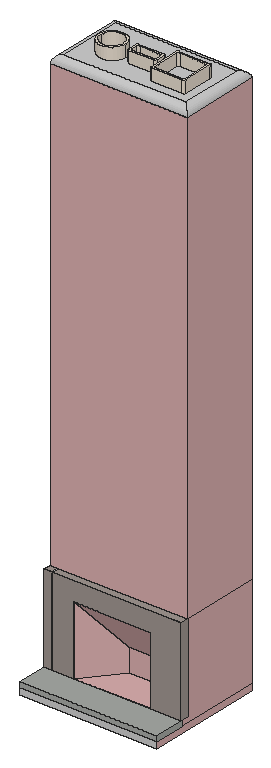
Revit family "Fireplace-Chimney-Assy_Basic", category Mechanical Equipment, Revit 2026
Family settings
  Round Connector Dimension = Use Diameter
  Part Type = Normal
  Classification Number = 23.70.70.21.14
  Work Plane-Based = No
  Always vertical = Yes
  Cut with Voids When Loaded = No
  Maintain Annotation Orientation = No
  Shared = No
  Room Calculation Point = No
Parameters
  Warranty Duration (Years) = 0
  TO Smoke Chamber = 4' - 4"
  Right Flue [instance] = Masonry-Flue-Liner : 16 x 16
  Outside Wall to Flue CL = 2' - 0"
  Left Flue [instance] = Masonry-Flue-Liner_Round : 6" ID
  Height from Foundation [instance] = 22' - 10"
  FlueRad = 0' - 8"
  Flue Material [instance] = Masonry - Clay
  URL = "http://www.arcat.com/"
  Test Data = ""
  Specification = "http://www.arcat.com/divs/sec/sec04550.shtml"
  Sales Information = ""
  Product Properties = "http://www.arcat.com/bim/bim_info.pl?fn=Fireplace-Chimney-assy-Basic"
  Product Data = "http://www.arcat.com/divs/sec/sec04550.shtml"
  Outer Wall Thickness = 0' - 4"
  Model = "Generic"  # constant formula
  Manufacturer Website = "http://www.arcat.com/"
  Manufacturer Phone - Toll Free = ""
  Manufacturer Phone = "(203) 929-9444"  # constant formula
  Manufacturer Fax = "(203) 939-2444"  # constant formula
  Manufacturer Email = "bim@arcat.com"  # constant formula
  Manufacturer Address = "1077 Bridgeport Ave, Shelton, CT  06484"  # constant formula
  Manufacturer = "Generic"  # constant formula
  Maintenance Schedule (Months) = 0
  Keynote = "04500"
  Installation_Fabrication = ""
  Installation Phase = ""
  Gross Width [instance] = 6' - 0"
  Gross Depth [instance] = 3' - 6"
  Green Building - LEED = "http://www.arcat.com/green/green_building.shtml"
  Flue Length = Chimney Height_TO Cap + Flue Extension  # 20' - 6"
  Flue Extension = 0' - 6"
  Firebox Width = 3' - 0"
  Firebox Height [instance] = 3' - 0"
  Firebox Depth [instance] = 1' - 6"
  Finished Face Material = Masonry - Brick
  Expected Lifespan (Years) = 75
  Drawn By = "Robert S. Weygant. CSI, CDT, SCIP"  # constant formula
  Description = "Masonry Chimney and Fireplace Assembly"
  Default Elevation = 0' - 0"
  Copyright = "2008, ARCAT, Inc."  # constant formula
  Construction Details = "http://www.arcat.com/divs/sec/sec04550.shtml"
  Chimney Structure Material = Masonry - Concrete Masonry Units
  Chimney Height_TO Cap = 20' - 0"
  Chimney Cap Material = Concrete - Cast-in-Place Concrete
  Chimney Cap Height = 0' - 4"
  Center Flue [instance] = Masonry-Flue-Liner : 4-1/2 x 13
  Building Codes = ""
  Assembly Code = "D3020"
Reference planes (in)
  plane 1 "Center (Front/Back)": y = 21
  plane 2 "Finished Floor": z = 0
  plane 3 "Center (Left/Right)": x = -1.29267
  plane 4 "Front Wall": y = 3
  plane 5 "Firebox Top": z = 288
  plane 6 "Outside Wall Left": x = -37.29267
  plane 7 "Outside Wall Back": y = 45
  plane 8 "Outside Wall Right": x = 34.70733
  plane 9 "TO Chimney Cap": z = 292
  plane 10 "TO Firebox": z = 52
Forms (in)
  Revolve 1, solid, material "ARCAT - Plastic, ABS_ Black", not visible
    sketch origin (0, -17.5, 0) x (1, 0, 0) y (0, 0, 1)
      loop
        line (-0.5, 0) -> (-0.5, 1.25) -> (-0.84088, 1.25)
        arc (-0.84088, 1.25) -> (-0.78761, 0.67535) -> (-0.68042, 0.10828) r 6.11694
        arc (-0.68042, 0.10828) -> (-0.60039, 0.03718) -> (-0.5, 0) r 0.28974
      axis (-0.84088, 1.25) -> (-0.5, 1.25)
    angle from 0 to 360
  Revolve 2, solid, material "ARCAT - Plastic, ABS_ Black", not visible
    sketch origin (0, -17.5, 0) x (1, 0, 0) y (0, 0, 1)
      loop
        line (-0.42303, 0) -> (-0.03347, 0) -> (-0.03347, 1.25) -> (-0.42303, 1.25) -> (-0.42303, 0)
      axis (-0.42303, 1.25) -> (-0.03347, 1.25)
    angle from 0 to 360
  Revolve 3, solid, material "ARCAT - Plastic, ABS_ Black", not visible
    sketch origin (0, -17.5, 0) x (-1, 0, 0) y (0, 0, -1)
      loop
        arc (-0.5, 0) -> (-0.60039, -0.03718) -> (-0.68042, -0.10828) r 0.28974
        arc (-0.68042, -0.10828) -> (-0.78761, -0.67535) -> (-0.84088, -1.25) r 6.11694
        line (-0.84088, -1.25) -> (-0.5, -1.25) -> (-0.5, 0)
      axis (-0.84088, -1.25) -> (-0.5, -1.25)
    angle from 0 to 360
  Revolve 4, solid, material "ARCAT - Plastic, ABS_ Black", not visible
    sketch origin (0, -17.5, 0) x (-1, 0, 0) y (0, 0, -1)
      loop
        line (-0.42303, 0) -> (-0.42303, -1.25) -> (-0.03347, -1.25) -> (-0.03347, 0) -> (-0.42303, 0)
      axis (-0.42303, -1.25) -> (-0.03347, -1.25)
    angle from 0 to 360
  Extrusion 5, solid, material "ARCAT - Plastic, ABS_ Grey", not visible
    sketch origin (-0.75, -17.5, 0) x (0, 1, 0) y (0, 0, 1)
      loop
        line (1.46088, 1.51447) -> (1.71419, 1.51447)
        arc (1.71419, 1.51447) -> (0.4593, 2.88899) -> (-1.28869, 2.24979) r 1.67086
        line (-1.28869, 2.24979) -> (-1.08661, 2.1026)
        arc (-1.08661, 2.1026) -> (0.38152, 2.65052) -> (1.46088, 1.51447) r 1.42086
    from 0 to 1.5
  Extrusion 6, solid, material "ARCAT - Plastic, ABS_ Grey", not visible
    sketch origin (0, -1.25, 2.86135) x (1, 0, 0) y (0, 1, 0)
      loop
        circle (0.03347, -16.25) r 0.39105
    from 0 to 1.13865
  Extrusion 7, solid, material "Masonry - Concrete Masonry Units" <- "Chimney Structure Material"
    sketch origin (0, 0, 0) x (1, 0, 0) y (0, 1, 0)
      loop
        line (-37.29267, 45) -> (-37.29267, 3) -> (34.70733, 3) -> (34.70733, 45) -> (-37.29267, 45)
      loop
        line (-33.29267, 41) -> (-33.29267, 7) -> (30.70733, 7) -> (30.70733, 41) -> (-33.29267, 41)
    from 52 to 288
  Extrusion 8, solid, material "Concrete - Cast-in-Place Concrete" <- "Chimney Cap Material"
    sketch origin (0, 0, 288) x (-1, 0, 0) y (0, -1, 0)
      loop
        line (37.29267, -45) -> (37.29267, -3) -> (-34.70733, -3) -> (-34.70733, -45) -> (37.29267, -45)
    from 0 to 4
  Extrusion 9, void
    sketch origin (0, 21, 0) x (1, 0, 0) y (0, 0, 1)
      loop
        arc (-37.29267, 288) -> (-36.1211, 290.82843) -> (-33.29267, 292) r 4
        line (-33.29267, 292) -> (-37.29267, 292) -> (-37.29267, 288)
      loop
        line (34.70733, 288) -> (34.70733, 292) -> (30.70733, 292)
        arc (30.70733, 292) -> (33.53576, 290.82843) -> (34.70733, 288) r 4
    from -24 to 18
  Extrusion 10, void
    sketch origin (-1.29267, 0, 0) x (0, 1, 0) y (0, 0, 1)
      loop
        line (45, 288) -> (45, 292) -> (41, 292)
        arc (41, 292) -> (43.82843, 290.82843) -> (45, 288) r 4
      loop
        arc (3, 288) -> (4.17157, 290.82843) -> (7, 292) r 4
        line (7, 292) -> (3, 292) -> (3, 288)
    from -36 to 36
Cuts and joins
  Extrusion 9, Extrusion 10 cuts Extrusion 7
  Extrusion 9, Extrusion 10 cuts Extrusion 8
Dimensions and locks (in)
  "Gross Width": plane 6 "Outside Wall Left" to plane 8 "Outside Wall Right"
  "Outer Wall Thickness": plane 6 "Outside Wall Left" to Extrusion 7
  "Outer Wall Thickness": plane 7 "Outside Wall Back" to Extrusion 7
  "Outer Wall Thickness": Extrusion 7 to plane 8 "Outside Wall Right"
  "Outer Wall Thickness": Extrusion 7 sketch curve to Extrusion 7 sketch curve
  equal spacing: plane 6 "Outside Wall Left", plane 3 "Center (Left/Right)", plane 8 "Outside Wall Right"
  "Chimney Cap Height": plane 9 "TO Chimney Cap" to plane 5 "Firebox Top"
  "Chimney Cap Height": Extrusion 9 sketch curve to Extrusion 9 sketch curve  (x2)
  "Chimney Cap Height": Extrusion 10 sketch curve to Extrusion 10 sketch curve  (x2)
  "Gross Depth": plane 7 "Outside Wall Back" to plane 4 "Front Wall"
  "Chimney Height_TO Cap": plane 9 "TO Chimney Cap" to plane 10 "TO Firebox"
  "Outside Wall to Flue CL": plane 7 "Outside Wall Back" to plane 1 "Center (Front/Back)"
  equal spacing: nested 2, nested 1, nested 3
  "TO Smoke Chamber": plane 10 "TO Firebox" to plane 2 "Finished Floor"
  aligned and locked: Extrusion 7 sketch curve to plane 8 "Outside Wall Right"
  aligned and locked: plane 4 "Front Wall" to Extrusion 7 sketch curve
  aligned and locked: plane 5 "Firebox Top" to Extrusion 7
  aligned and locked: Extrusion 8 sketch curve to Extrusion 7  (x3)
  aligned and locked: Extrusion 7 to Extrusion 8 sketch curve
  aligned and locked: Extrusion 8 to plane 5 "Firebox Top"
  aligned and locked: plane 9 "TO Chimney Cap" to Extrusion 8
  aligned and locked: plane 5 "Firebox Top" to Extrusion 9 sketch curve  (x2)
  aligned and locked: Extrusion 9 sketch curve to plane 9 "TO Chimney Cap"
  aligned and locked: plane 8 "Outside Wall Right" to Extrusion 9 sketch curve
  aligned and locked: plane 6 "Outside Wall Left" to Extrusion 9 sketch curve
  aligned and locked: plane 9 "TO Chimney Cap" to Extrusion 9 sketch curve
  aligned and locked: Extrusion 7 to Extrusion 9
  aligned and locked: Extrusion 9 to cut or joined group of Extrusion 7, Extrusion 9, Extrusion 10
  aligned and locked: Extrusion 10 sketch curve to plane 9 "TO Chimney Cap"
  aligned and locked: plane 7 "Outside Wall Back" to Extrusion 10 sketch curve
  aligned and locked: plane 5 "Firebox Top" to Extrusion 10 sketch curve  (x2)
  aligned and locked: plane 4 "Front Wall" to Extrusion 10 sketch curve
  aligned and locked: plane 9 "TO Chimney Cap" to Extrusion 10 sketch curve
  aligned and locked: Extrusion 10 to Extrusion 7
  aligned and locked: plane 3 "Center (Left/Right)" to nested 1
  aligned and locked: nested 3 to plane 10 "TO Firebox"
  aligned and locked: nested 1 to plane 10 "TO Firebox"
  aligned and locked: nested 2 to plane 10 "TO Firebox"
  aligned and locked: Extrusion 7 to nested 1
  aligned and locked: nested 4 to plane 2 "Finished Floor"
  aligned and locked: plane 10 "TO Firebox" to nested 4
  aligned and locked: plane 7 "Outside Wall Back" to nested 4
  aligned and locked: plane 6 "Outside Wall Left" to nested 4
  aligned and locked: Extrusion 7 to Extrusion 10
Automatic sketch dimensions
  Extrusion 7 sketch curve to plane 6 "Outside Wall Left" = 0' - 0"
  Extrusion 7 sketch curve to plane 7 "Outside Wall Back" = 0' - 0"
  plane 6 "Outside Wall Left" to Extrusion 7 sketch curve = 0' - 4"
  Extrusion 7 sketch curve to plane 7 "Outside Wall Back" = 0' - 4"
  Extrusion 7 sketch curve to plane 8 "Outside Wall Right" = 0' - 4"
Nested families (in)
  nested 1: "Masonry-Flue-Liner" at (1, 8.80865, 166.47158), Total Flue Length <- "Flue Length", type <- "Center Flue", Flue Material <- "Flue Material", type "4-1/2 x 13"
    with Total Flue Length 20' - 6", Specification "http://www.arcat.com/divs/sec/sec04550.shtml", Section Length 2' - 0", Required Sections 10, Product Properties "http://www.arcat.com/bim/bim_info.pl?fn=Masonry-Flue-Liner", Product Data "http://www.arcat.com/divs/sec/sec04550.shtml", Green Building - LEED "http://www.arcat.com/green/green_building.shtml", Flue Material Masonry - Clay, Construction Details "http://www.arcat.com/divs/sec/sec04550.shtml", Flue Width 1' - 1", Flue Depth 0' - 4 1/2", Effective Flue Area 34.00 in²
  nested 2: "Masonry-Flue-Liner_Round" at (-17, 8.80865, 166.47158), type <- "Left Flue", Total Flue Length <- "Flue Length", Flue Material <- "Flue Material", type "6" ID"
    with Total Flue Length 20' - 6", Specification "http://www.arcat.com/divs/sec/sec04550.shtml", Section Length 2' - 0", Required Sections 10, Product Properties "http://www.arcat.com/bim/bim_info.pl?fn=Masonry-Flue-Liner", Product Data "http://www.arcat.com/divs/sec/sec04550.shtml", Green Building - LEED "http://www.arcat.com/green/green_building.shtml", Flue Material Masonry - Clay, Construction Details "http://www.arcat.com/divs/sec/sec04550.shtml", Flue ID 0' - 6", Flue OD 0' - 7", Effective Flue Area 28.00 in²
  nested 3: "Masonry-Flue-Liner" at (19, 8.80865, 166.47158), type <- "Right Flue", Total Flue Length <- "Flue Length", Flue Material <- "Flue Material", type "16 x 16"
    with Total Flue Length 20' - 6", Specification "http://www.arcat.com/divs/sec/sec04550.shtml", Section Length 2' - 0", Required Sections 10, Product Properties "http://www.arcat.com/bim/bim_info.pl?fn=Masonry-Flue-Liner", Product Data "http://www.arcat.com/divs/sec/sec04550.shtml", Green Building - LEED "http://www.arcat.com/green/green_building.shtml", Flue Material Masonry - Clay, Construction Details "http://www.arcat.com/divs/sec/sec04550.shtml"
  nested 4: "Masonry-Fireplace" at (0, 14, 0), Gross Width <- "Gross Width", Gross Depth from Interior Wall <- "Gross Depth", type "Masonry-Fireplace"
    with Interior Finished Face Material Masonry - River Rock, Hearth Extension Material Masonry - Bluestone, Gross Width 6' - 0", Gross Depth from Interior Wall 3' - 6", Flue Liner Material Masonry - Clay, Exterior Finish Face Material Masonry - Brick, Smoke Shelf Height 0' - 10", Firebox Width 3' - 0", Firebox Height 3' - 0", Firebox Depth 1' - 6", Firebox Back Width 1' - 0", Firebox Back Height 1' - 0"
Definition of nested family "Masonry-Flue-Liner"
  Parameters
    Warranty Duration (Years) = 0
    Viz = yes
    Total Flue Length [instance] = 3' - 0"
    Required Sections [instance] = Total Flue Length / Section Length  # 2
    FlueRad = 0' - 8"
    Flue Material [instance] = none
    URL = "http://www.arcat.com/"
    Test Data = ""
    Specification [instance] = "http://www.arcat.com/divs/sec/sec04550.shtml"
    Sales Information = ""
    Product Properties [instance] = "http://www.arcat.com/bim/bim_info.pl?fn=Masonry-Flue-Liner"
    Product Data [instance] = "http://www.arcat.com/divs/sec/sec04550.shtml"
    Wall Thickness = 0' - 1"
    Model = "Generic"  # constant formula
    Manufacturer Website = "http://www.arcat.com/"
    Manufacturer Phone - Toll Free = ""
    Manufacturer Phone = "(203) 929-9444"  # constant formula
    Manufacturer Fax = "(203) 939-2444"  # constant formula
    Manufacturer Email = "bim@arcat.com"  # constant formula
    Manufacturer Address = "1077 Bridgeport Ave, Shelton, CT  06484"  # constant formula
    Manufacturer = "Generic"  # constant formula
    Maintenance Schedule (Months) = 0
    Keynote = "04500"
    Installation_Fabrication = ""
    Installation Phase = ""
    Flue Width = 1' - 6"
    Flue Depth = 1' - 6"
    Green Building - LEED [instance] = "http://www.arcat.com/green/green_building.shtml"
    Mortar Material = none
    Expected Lifespan (Years) = 75
    Effective Flue Area = 33552.00 in²
    Drawn By = "Robert S. Weygant. CSI, CDT, SCIP"  # constant formula
    Description = "18 x 18 Rectangular Clay Flue Liner"
    Default Elevation = 0' - 0"
    Copyright = "2008, ARCAT, Inc."  # constant formula
    Construction Details [instance] = "http://www.arcat.com/divs/sec/sec04550.shtml"
    Section Length [instance] = 2' - 0"
    Building Codes = ""
    Assembly Code = "D3020"
    ArcRad = 0' - 1"
  Reference planes (in)
    plane 1 "Center (Front/Back)": y = 22
    plane 2 "Finished Floor": z = -114.47158
    plane 3 "Center (Left/Right)": x = -2.29267
    plane 4 "Front Wall": y = 15
    plane 5 "Outside Wall Back": y = 29
    plane 6 "TO Chimney Cap": z = -78.47158
    plane 7: y = 12.19135
  Forms (in)
    Revolve 1, solid, not visible
      sketch origin (0, -17.5, 0) x (1, 0, 0) y (0, 0, 1)
        loop
          line (-0.5, 0) -> (-0.5, 1.25) -> (-0.84088, 1.25)
          arc (-0.84088, 1.25) -> (-0.78761, 0.67535) -> (-0.68042, 0.10828) r 6.11694
          arc (-0.68042, 0.10828) -> (-0.60039, 0.03718) -> (-0.5, 0) r 0.28974
        axis (-0.84088, 1.25) -> (-0.5, 1.25)
      angle from 0 to 360
    Revolve 2, solid, not visible
      sketch origin (0, -17.5, 0) x (1, 0, 0) y (0, 0, 1)
        loop
          line (-0.42303, 0) -> (-0.03347, 0) -> (-0.03347, 1.25) -> (-0.42303, 1.25) -> (-0.42303, 0)
        axis (-0.42303, 1.25) -> (-0.03347, 1.25)
      angle from 0 to 360
    Revolve 3, solid, not visible
      sketch origin (0, -17.5, 0) x (-1, 0, 0) y (0, 0, -1)
        loop
          arc (-0.5, 0) -> (-0.60039, -0.03718) -> (-0.68042, -0.10828) r 0.28974
          arc (-0.68042, -0.10828) -> (-0.78761, -0.67535) -> (-0.84088, -1.25) r 6.11694
          line (-0.84088, -1.25) -> (-0.5, -1.25) -> (-0.5, 0)
        axis (-0.84088, -1.25) -> (-0.5, -1.25)
      angle from 0 to 360
    Revolve 4, solid, not visible
      sketch origin (0, -17.5, 0) x (-1, 0, 0) y (0, 0, -1)
        loop
          line (-0.42303, 0) -> (-0.42303, -1.25) -> (-0.03347, -1.25) -> (-0.03347, 0) -> (-0.42303, 0)
        axis (-0.42303, -1.25) -> (-0.03347, -1.25)
      angle from 0 to 360
    Extrusion 5, solid, not visible
      sketch origin (-0.75, -17.5, 0) x (0, 1, 0) y (0, 0, 1)
        loop
          line (1.46088, 1.51447) -> (1.71419, 1.51447)
          arc (1.71419, 1.51447) -> (0.4593, 2.88899) -> (-1.28869, 2.24979) r 1.67086
          line (-1.28869, 2.24979) -> (-1.08661, 2.1026)
          arc (-1.08661, 2.1026) -> (0.38152, 2.65052) -> (1.46088, 1.51447) r 1.42086
      from 0 to 1.5
    Extrusion 6, solid, not visible
      sketch origin (0, -1.25, 2.86135) x (1, 0, 0) y (0, 1, 0)
        loop
          circle (0.03347, -16.25) r 0.39105
      from 0 to 1.13865
    Extrusion 7, solid, material <- "Flue Material", visible <- "Viz"
      sketch origin (1, -7.80865, -114.47158) x (1, 0, 0) y (0, 1, 0)
        loop
          arc (-12.29267, 30) -> (-12.99978, 29.70711) -> (-13.29267, 29) r 1
          line (-13.29267, 29) -> (-13.29267, 11)
          arc (-13.29267, 11) -> (-12.99978, 10.29289) -> (-12.29267, 10) r 1
          line (-12.29267, 10) -> (5.70733, 10)
          arc (5.70733, 10) -> (6.41443, 10.29289) -> (6.70733, 11) r 1
          line (6.70733, 11) -> (6.70733, 29)
          arc (6.70733, 29) -> (6.41443, 29.70711) -> (5.70733, 30) r 1
          line (5.70733, 30) -> (-12.29267, 30)
        loop
          arc (-11.29267, 29) -> (-11.99978, 28.70711) -> (-12.29267, 28) r 1
          line (-12.29267, 28) -> (-12.29267, 12)
          arc (-12.29267, 12) -> (-11.99978, 11.29289) -> (-11.29267, 11) r 1
          line (-11.29267, 11) -> (4.70733, 11)
          arc (4.70733, 11) -> (5.41443, 11.29289) -> (5.70733, 12) r 1
          line (5.70733, 12) -> (5.70733, 28)
          arc (5.70733, 28) -> (5.41443, 28.70711) -> (4.70733, 29) r 1
          line (4.70733, 29) -> (-11.29267, 29)
      from 0 to 36
  Dimensions and locks (in)
    plane 5 "Outside Wall Back" to Extrusion 7 = 0' - 7.80865"
    equal spacing: plane 5 "Outside Wall Back", plane 1 "Center (Front/Back)", plane 4 "Front Wall"
    plane 5 "Outside Wall Back" to plane 4 "Front Wall" = 1' - 2"
    "Total Flue Length": plane 6 "TO Chimney Cap" to plane 2 "Finished Floor"
    "Flue Width": Extrusion 7 sketch curve to Extrusion 7 sketch curve
    "Flue Depth": Extrusion 7 sketch curve to Extrusion 7 sketch curve
    "Wall Thickness": Extrusion 7 sketch curve to Extrusion 7 sketch curve  (x4)
    equal spacing: Extrusion 7 sketch curve, plane 3 "Center (Left/Right)", Extrusion 7 sketch curve
    equal spacing: Extrusion 7 sketch curve, plane 7, Extrusion 7 sketch curve
    "ArcRad": radius of Extrusion 7 sketch curve  (x8)
    aligned and locked: Extrusion 7 to plane 2 "Finished Floor"
    aligned and locked: plane 6 "TO Chimney Cap" to Extrusion 7
Definition of nested family "Masonry-Flue-Liner_Round"
  Parameters
    Warranty Duration (Years) = 0
    Viz = yes
    Total Flue Length [instance] = 3' - 0"
    Required Sections [instance] = Total Flue Length / Section Length  # 2
    FlueRad = 0' - 8"
    Flue Material [instance] = none
    URL = "http://www.arcat.com/"
    Test Data = ""
    Specification [instance] = "http://www.arcat.com/divs/sec/sec04550.shtml"
    Sales Information = ""
    Product Properties [instance] = "http://www.arcat.com/bim/bim_info.pl?fn=Masonry-Flue-Liner_Round"
    Product Data [instance] = "http://www.arcat.com/divs/sec/sec04550.shtml"
    Wall Thickness = 0' - 1"
    Model = "Generic"  # constant formula
    Manufacturer Website = "http://www.arcat.com/"
    Manufacturer Phone - Toll Free = ""
    Manufacturer Phone = "(203) 929-9444"  # constant formula
    Manufacturer Fax = "(203) 939-2444"  # constant formula
    Manufacturer Email = "bim@arcat.com"  # constant formula
    Manufacturer Address = "1077 Bridgeport Ave, Shelton, CT  06484"  # constant formula
    Manufacturer = "Generic"  # constant formula
    Maintenance Schedule (Months) = 0
    Keynote = "04500"
    Installation_Fabrication = ""
    Installation Phase = ""
    Flue ID = 0' - 8"
    Flue OD = Flue ID + Wall Thickness  # 0' - 9"
    Green Building - LEED [instance] = "http://www.arcat.com/green/green_building.shtml"
    Mortar Material = none
    Expected Lifespan (Years) = 75
    Effective Flue Area = 431.00 in²
    Drawn By = "Robert S. Weygant. CSI, CDT, SCIP"  # constant formula
    Description = ""
    Default Elevation = 0' - 0"
    Copyright = "2008, ARCAT, Inc."  # constant formula
    Construction Details [instance] = "http://www.arcat.com/divs/sec/sec04550.shtml"
    Section Length [instance] = 2' - 0"
    Building Codes = ""
    Assembly Code = "D3020"
  Reference planes (in)
    plane 1 "Center (Front/Back)": y = 22
    plane 2 "Finished Floor": z = -114.47158
    plane 3 "Center (Left/Right)": x = -2.29267
    plane 4 "Front Wall": y = 15
    plane 5 "Outside Wall Back": y = 29
    plane 6 "TO Chimney Cap": z = -78.47158
    plane 7: y = 12.19135
  Forms (in)
    Revolve 1, solid, not visible
      sketch origin (0, -17.5, 0) x (1, 0, 0) y (0, 0, 1)
        loop
          line (-0.5, 0) -> (-0.5, 1.25) -> (-0.84088, 1.25)
          arc (-0.84088, 1.25) -> (-0.78761, 0.67535) -> (-0.68042, 0.10828) r 6.11694
          arc (-0.68042, 0.10828) -> (-0.60039, 0.03718) -> (-0.5, 0) r 0.28974
        axis (-0.84088, 1.25) -> (-0.5, 1.25)
      angle from 0 to 360
    Revolve 2, solid, not visible
      sketch origin (0, -17.5, 0) x (1, 0, 0) y (0, 0, 1)
        loop
          line (-0.42303, 0) -> (-0.03347, 0) -> (-0.03347, 1.25) -> (-0.42303, 1.25) -> (-0.42303, 0)
        axis (-0.42303, 1.25) -> (-0.03347, 1.25)
      angle from 0 to 360
    Revolve 3, solid, not visible
      sketch origin (0, -17.5, 0) x (-1, 0, 0) y (0, 0, -1)
        loop
          arc (-0.5, 0) -> (-0.60039, -0.03718) -> (-0.68042, -0.10828) r 0.28974
          arc (-0.68042, -0.10828) -> (-0.78761, -0.67535) -> (-0.84088, -1.25) r 6.11694
          line (-0.84088, -1.25) -> (-0.5, -1.25) -> (-0.5, 0)
        axis (-0.84088, -1.25) -> (-0.5, -1.25)
      angle from 0 to 360
    Revolve 4, solid, not visible
      sketch origin (0, -17.5, 0) x (-1, 0, 0) y (0, 0, -1)
        loop
          line (-0.42303, 0) -> (-0.42303, -1.25) -> (-0.03347, -1.25) -> (-0.03347, 0) -> (-0.42303, 0)
        axis (-0.42303, -1.25) -> (-0.03347, -1.25)
      angle from 0 to 360
    Extrusion 5, solid, not visible
      sketch origin (-0.75, -17.5, 0) x (0, 1, 0) y (0, 0, 1)
        loop
          line (1.46088, 1.51447) -> (1.71419, 1.51447)
          arc (1.71419, 1.51447) -> (0.4593, 2.88899) -> (-1.28869, 2.24979) r 1.67086
          line (-1.28869, 2.24979) -> (-1.08661, 2.1026)
          arc (-1.08661, 2.1026) -> (0.38152, 2.65052) -> (1.46088, 1.51447) r 1.42086
      from 0 to 1.5
    Extrusion 6, solid, not visible
      sketch origin (0, -1.25, 2.86135) x (1, 0, 0) y (0, 1, 0)
        loop
          circle (0.03347, -16.25) r 0.39105
      from 0 to 1.13865
    Extrusion 7, solid, material <- "Flue Material"
      sketch origin (0, 0, -114.47158) x (1, 0, 0) y (0, 1, 0)
        loop
          circle (-2.29267, 12.19135) r 9
        loop
          circle (-2.29267, 12.19135) r 8
      from 0 to 36
  Dimensions and locks (in)
    equal spacing: plane 5 "Outside Wall Back", plane 1 "Center (Front/Back)", plane 4 "Front Wall"
    plane 5 "Outside Wall Back" to plane 4 "Front Wall" = 1' - 2"
    "Total Flue Length": plane 6 "TO Chimney Cap" to plane 2 "Finished Floor"
    "Flue ID": radius of Extrusion 7 sketch curve
    "Flue OD": radius of Extrusion 7 sketch curve
    aligned and locked: plane 7 to Extrusion 7 sketch curve  (x2)
    aligned and locked: plane 3 "Center (Left/Right)" to Extrusion 7 sketch curve  (x2)
    aligned and locked: plane 6 "TO Chimney Cap" to Extrusion 7
    aligned and locked: Extrusion 7 to plane 2 "Finished Floor"
Definition of nested family "Masonry-Fireplace"
  Parameters
    Warranty Duration (Years) = 0
    Smoke Shelf Height = Foundation to TO Smoke Chamber - Hearth Height from Finished Floor - Firebox Height  # 1' - 2"
    Slab Thickness = 0' - 3"
    Slab Material = none
    Foundation to TO Smoke Chamber = 4' - 4"
    FlueRad = 0' - 8"
    Flue W = 0' - 9 77/128"
    Flue Liner Material [instance] = none
    URL = "http://www.arcat.com/"
    Test Data = ""
    Specification = "http://www.arcat.com/divs/sec/sec04880.shtml"
    Sales Information = ""
    Projection into Living Space = 0' - 4"
    Product Properties = "http://www.arcat.com/bim/bim_info.pl?fn=Masonry-Fireplace"
    Product Data = "http://www.arcat.com/divs/sec/sec04880.shtml"
    Outer Wall Thickness = 0' - 4"
    Model = "Generic"  # constant formula
    Manufacturer Website = "http://www.arcat.com/"
    Manufacturer Phone - Toll Free = ""
    Manufacturer Phone = "(203) 929-9444"  # constant formula
    Manufacturer Fax = "(203) 939-2444"  # constant formula
    Manufacturer Email = "bim@arcat.com"  # constant formula
    Manufacturer Address = "1077 Bridgeport Ave, Shelton, CT  06484"  # constant formula
    Manufacturer = "Generic"  # constant formula
    Maintenance Schedule (Months) = 0
    Keynote = "04880"
    Installation_Fabrication = ""
    Installation Phase = ""
    Hearth Height from Finished Floor = 0' - 6"
    Hearth Extension = 1' - 4"
    Gross Width [instance] = 6' - 0"
    Gross Depth from Interior Wall [instance] = 3' - 0"
    Green Building - LEED = "http://www.arcat.com/green/green_building.shtml"
    Hearth Extension Material [instance] = none
    Flue D = 0' - 9 3/32"
    Firebrick Width = 0' - 3"
    Firebox Width = 3' - 6"
    Firebox Material = none
    Firebox Height = 2' - 8"
    Firebox Depth = 2' - 0"
    Firebox Back Width = Firebox Width / 3  # 1' - 2"
    Firebox Back Height = Firebox Height / 3  # 0' - 10.66667"
    Interior Finished Face Material [instance] = none
    Exterior Finish Face Material [instance] = none
    Expected Lifespan (Years) = 75
    Drawn By = "Robert S. Weygant. CSI, CDT, SCIP"  # constant formula
    Description = "Masonry Fireplace"
    Default Elevation = 0' - 0"
    Copyright = "2008, ARCAT, Inc."  # constant formula
    Construction Details = "http://www.arcat.com/divs/sec/sec04880.shtml"
    Chimney Structure Material = none
    Building Codes = ""
    Assembly Code = "D3020"
  Reference planes (in)
    plane 1 "Center (Front/Back)": y = 0
    plane 2 "Finished Floor": z = 0
    plane 3 "Center (Left/Right)": x = -1.29267
    plane 4 "Room Projection": y = -15
    plane 5 "Firebox Back": y = 9
    plane 6 "Firebox Left": x = -21.62447
    plane 7 "Firebox Right": x = 19.03913
    plane 8 "Interior Wall Face": y = -11
    plane 9: y = -31
    plane 10 "Firebox Top": z = 38
    plane 11 "Hearth Height": z = 6
    plane 12 "Outside Wall Left": x = -37.29267
    plane 13 "Outside Wall Back": y = 25
    plane 14 "Outside Wall Right": x = 34.70733
    plane 15 "TO SmokeShelf": z = 52
  Forms (in)
    Revolve 1, solid, not visible
      sketch origin (0, -17.5, 0) x (1, 0, 0) y (0, 0, 1)
        loop
          line (-0.5, 0) -> (-0.5, 1.25) -> (-0.84088, 1.25)
          arc (-0.84088, 1.25) -> (-0.78761, 0.67535) -> (-0.68042, 0.10828) r 6.11694
          arc (-0.68042, 0.10828) -> (-0.60039, 0.03718) -> (-0.5, 0) r 0.28974
        axis (-0.84088, 1.25) -> (-0.5, 1.25)
      angle from 0 to 360
    Revolve 2, solid, not visible
      sketch origin (0, -17.5, 0) x (1, 0, 0) y (0, 0, 1)
        loop
          line (-0.42303, 0) -> (-0.03347, 0) -> (-0.03347, 1.25) -> (-0.42303, 1.25) -> (-0.42303, 0)
        axis (-0.42303, 1.25) -> (-0.03347, 1.25)
      angle from 0 to 360
    Revolve 3, solid, not visible
      sketch origin (0, -17.5, 0) x (-1, 0, 0) y (0, 0, -1)
        loop
          arc (-0.5, 0) -> (-0.60039, -0.03718) -> (-0.68042, -0.10828) r 0.28974
          arc (-0.68042, -0.10828) -> (-0.78761, -0.67535) -> (-0.84088, -1.25) r 6.11694
          line (-0.84088, -1.25) -> (-0.5, -1.25) -> (-0.5, 0)
        axis (-0.84088, -1.25) -> (-0.5, -1.25)
      angle from 0 to 360
    Revolve 4, solid, not visible
      sketch origin (0, -17.5, 0) x (-1, 0, 0) y (0, 0, -1)
        loop
          line (-0.42303, 0) -> (-0.42303, -1.25) -> (-0.03347, -1.25) -> (-0.03347, 0) -> (-0.42303, 0)
        axis (-0.42303, -1.25) -> (-0.03347, -1.25)
      angle from 0 to 360
    Extrusion 5, solid, not visible
      sketch origin (-0.75, -17.5, 0) x (0, 1, 0) y (0, 0, 1)
        loop
          line (1.46088, 1.51447) -> (1.71419, 1.51447)
          arc (1.71419, 1.51447) -> (0.4593, 2.88899) -> (-1.28869, 2.24979) r 1.67086
          line (-1.28869, 2.24979) -> (-1.08661, 2.1026)
          arc (-1.08661, 2.1026) -> (0.38152, 2.65052) -> (1.46088, 1.51447) r 1.42086
      from 0 to 1.5
    Extrusion 6, solid, not visible
      sketch origin (0, -1.25, 2.86135) x (1, 0, 0) y (0, 1, 0)
        loop
          circle (0.03347, -16.25) r 0.39105
      from 0 to 1.13865
    Extrusion 7, solid, material <- "Firebox Material"
      sketch origin (0, 0, 0) x (1, 0, 0) y (0, 1, 0)
        loop
          line (22.03913, -15) -> (22.03913, 12) -> (-24.62447, 12) -> (-24.62447, -15) -> (22.03913, -15)
      from 6 to 38
    Blend 8, void
      base sketch origin (0, 0, 0) x (1, 0, 0) y (0, 0, 1)
        loop
          line (-21.62447, 38) -> (-21.62447, 6) -> (19.03913, 6) -> (19.03913, 38) -> (-21.62447, 38)
      top sketch origin (0, 0, 0) x (1, 0, 0) y (0, 0, 1)
        loop
          line (-8.29267, 16.66667) -> (-8.29267, 6) -> (5.70733, 6) -> (5.70733, 16.66667) -> (-8.29267, 16.66667)
      from 15 to -9
    Extrusion 9, solid, material <- "Firebox Material"
      sketch origin (0, 0, 0) x (1, 0, 0) y (0, 1, 0)
        loop
          line (-21.62447, -15) -> (19.03913, -15) -> (19.03913, 9) -> (-21.62447, 9) -> (-21.62447, -15)
      from 3 to 6
    Extrusion 10, solid, material <- "Chimney Structure Material"
      sketch origin (0, 0, 0) x (1, 0, 0) y (0, 1, 0)
        loop
          line (-37.29267, 25) -> (-37.29267, -15) -> (-33.29267, -15) -> (-33.29267, 21) -> (30.70733, 21) -> (30.70733, -15) -> (34.70733, -15) -> (34.70733, 25) -> (-37.29267, 25)
      from 3 to 52
    Extrusion 11, solid, material <- "Hearth Extension Material"
      sketch origin (0, 0, 0) x (1, 0, 0) y (0, 1, 0)
        loop
          line (-37.29267, -15) -> (-37.29267, -31) -> (34.70733, -31) -> (34.70733, -15) -> (-37.29267, -15)
      from 3 to 6
    Extrusion 12, solid, material <- "Slab Material"
      sketch origin (0, 0, 0) x (1, 0, 0) y (0, 1, 0)
        loop
          line (-37.29267, 25) -> (-37.29267, -31) -> (34.70733, -31) -> (34.70733, 25) -> (-37.29267, 25)
      from 0 to 3
    Extrusion 13, solid, material <- "Interior Finished Face Material"
      sketch origin (0, 0, 0) x (1, 0, 0) y (0, 0, 1)
        loop
          line (-37.29267, 52) -> (-37.29267, 6) -> (-21.62447, 6) -> (-21.62447, 38) -> (19.03913, 38) -> (19.03913, 6) -> (34.70733, 6) -> (34.70733, 52) -> (-37.29267, 52)
      from 11 to 15.26192
    Blend 14, solid, material <- "Flue Liner Material"
      base sketch origin (0, 0, 38) x (-1, 0, 0) y (0, -1, 0)
        loop
          line (24.62447, -12) -> (24.62447, 15) -> (-22.03913, 15) -> (-22.03913, -12) -> (24.62447, -12)
      top sketch origin (0, 0, 38) x (-1, 0, 0) y (0, -1, 0)
        loop
          line (6.09345, -4.54687) -> (6.09345, 4.54688) -> (-3.50811, 4.54688) -> (-3.50811, -4.54687) -> (6.09345, -4.54687)
      from 0 to 14
  Cuts and joins
    Blend 8 cuts Extrusion 7
  Dimensions and locks (in)
    equal spacing: plane 6 "Firebox Left", plane 3 "Center (Left/Right)", plane 7 "Firebox Right"
    plane 6 "Firebox Left" to plane 7 "Firebox Right" = 3' - 4.6636"
    "Firebox Depth": plane 5 "Firebox Back" to plane 4 "Room Projection"
    "Hearth Extension": plane 4 "Room Projection" to plane 9
    "Hearth Height from Finished Floor": plane 11 "Hearth Height" to plane 2 "Finished Floor"
    "Firebox Height": plane 10 "Firebox Top" to plane 11 "Hearth Height"
    "Firebrick Width": Extrusion 7 sketch curve to plane 5 "Firebox Back"
    "Firebrick Width": plane 7 "Firebox Right" to Extrusion 7 sketch curve
    "Firebrick Width": Extrusion 7 sketch curve to plane 6 "Firebox Left"
    equal spacing: Blend 8 sketch curve, plane 3 "Center (Left/Right)", Blend 8 sketch curve
    "Firebox Back Width": Blend 8 sketch curve to Blend 8 sketch curve
    "Firebox Back Height": Blend 8 sketch curve to Blend 8 sketch curve
    "Firebrick Width": Extrusion 9 to Extrusion 9
    "Gross Width": plane 12 "Outside Wall Left" to plane 14 "Outside Wall Right"
    "Gross Depth from Interior Wall": plane 13 "Outside Wall Back" to plane 8 "Interior Wall Face"
    "Projection into Living Space": plane 8 "Interior Wall Face" to plane 4 "Room Projection"
    "Slab Thickness": Extrusion 12 to Extrusion 12
    "Outer Wall Thickness": plane 12 "Outside Wall Left" to Extrusion 10
    "Outer Wall Thickness": plane 13 "Outside Wall Back" to Extrusion 10
    "Outer Wall Thickness": Extrusion 10 to plane 14 "Outside Wall Right"
    "Outer Wall Thickness": Extrusion 13 to plane 4 "Room Projection"
    equal spacing: Blend 14 sketch curve, plane 3 "Center (Left/Right)", Blend 14 sketch curve
    "Flue W": Blend 14 sketch curve to Blend 14 sketch curve
    equal spacing: Blend 14 sketch curve, plane 1 "Center (Front/Back)", Blend 14 sketch curve
    "Flue D": Blend 14 sketch curve to Blend 14 sketch curve
    "Smoke Shelf Height": plane 15 "TO SmokeShelf" to plane 10 "Firebox Top"
    locked: plane 4 "Room Projection" to Extrusion 13 at 0.26192
    equal spacing: plane 14 "Outside Wall Right", plane 3 "Center (Left/Right)", plane 12 "Outside Wall Left"
    aligned and locked: Extrusion 7 to plane 11 "Hearth Height"
    aligned and locked: plane 10 "Firebox Top" to Extrusion 7
    aligned and locked: plane 6 "Firebox Left" to Blend 8 sketch curve  (x2)
    aligned and locked: plane 11 "Hearth Height" to Blend 8 sketch curve  (x2)
    aligned and locked: Blend 8 sketch curve to plane 10 "Firebox Top"
    aligned and locked: Blend 8 sketch curve to plane 7 "Firebox Right"
    aligned and locked: plane 5 "Firebox Back" to Blend 8
    aligned and locked: plane 5 "Firebox Back" to Extrusion 9 sketch curve
    aligned and locked: plane 7 "Firebox Right" to Extrusion 9 sketch curve
    aligned and locked: Extrusion 9 sketch curve to plane 6 "Firebox Left"
    aligned and locked: plane 11 "Hearth Height" to Extrusion 9
    aligned and locked: Extrusion 10 sketch curve to plane 14 "Outside Wall Right"
    aligned and locked: plane 9 to Extrusion 11 sketch curve
    aligned and locked: Extrusion 11 sketch curve to plane 14 "Outside Wall Right"
    aligned and locked: Extrusion 12 sketch curve to Extrusion 10  (x2)
    aligned and locked: Extrusion 11 to Extrusion 12 sketch curve
    aligned and locked: Extrusion 12 sketch curve to Extrusion 11
    aligned and locked: Extrusion 12 to Extrusion 9
    aligned and locked: plane 11 "Hearth Height" to Extrusion 11
    aligned and locked: Extrusion 11 to Extrusion 12
    aligned and locked: plane 4 "Room Projection" to Extrusion 10 sketch curve  (x2)
    aligned and locked: plane 12 "Outside Wall Left" to Extrusion 13 sketch curve
    aligned and locked: plane 11 "Hearth Height" to Extrusion 13 sketch curve
    aligned and locked: Extrusion 13 sketch curve to plane 14 "Outside Wall Right"
    aligned and locked: plane 6 "Firebox Left" to Extrusion 13 sketch curve
    aligned and locked: Extrusion 13 sketch curve to plane 7 "Firebox Right"
    aligned and locked: Extrusion 13 sketch curve to plane 10 "Firebox Top"
    aligned and locked: plane 4 "Room Projection" to Extrusion 11
    aligned and locked: Extrusion 9 sketch curve to plane 4 "Room Projection"
    aligned and locked: Extrusion 7 sketch curve to plane 4 "Room Projection"
    aligned and locked: Blend 8 to plane 4 "Room Projection"
    aligned and locked: plane 15 "TO SmokeShelf" to Extrusion 10
    aligned and locked: plane 15 "TO SmokeShelf" to Extrusion 13
    aligned and locked: Blend 14 sketch curve to cut or joined group of Extrusion 7, Blend 8  (x3)
    aligned and locked: cut or joined group of Extrusion 7, Blend 8 to Blend 14 sketch curve
    aligned and locked: plane 15 "TO SmokeShelf" to Blend 14
    aligned and locked: Extrusion 10 to Extrusion 12
  Automatic sketch dimensions
    Extrusion 10 sketch curve to plane 12 "Outside Wall Left" = 0' - 0"
    Extrusion 10 sketch curve to plane 13 "Outside Wall Back" = 0' - 0"
    Extrusion 10 sketch curve to plane 6 "Firebox Left" = 0' - 11.6682"
    plane 7 "Firebox Right" to Extrusion 10 sketch curve = 0' - 11.6682"
    Extrusion 10 sketch curve to plane 13 "Outside Wall Back" = 0' - 4"
    Extrusion 11 sketch curve to plane 12 "Outside Wall Left" = 0' - 0"
    Extrusion 11 sketch curve to plane 8 "Interior Wall Face" = 0' - 4"
    plane 15 "TO SmokeShelf" to Extrusion 13 sketch curve = 0' - 0"
    Extrusion 13 sketch curve to plane 11 "Hearth Height" = 0' - 0"
